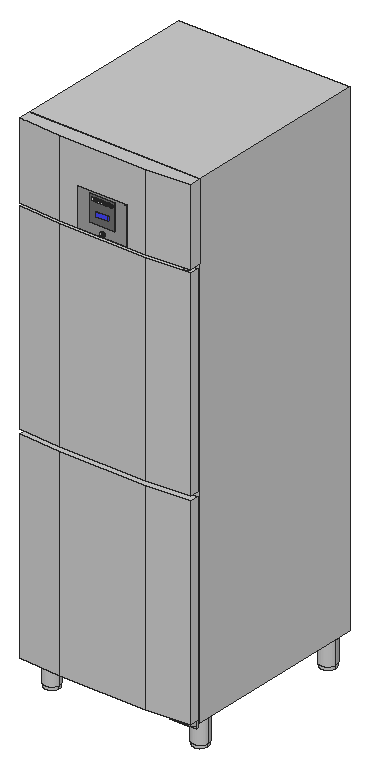
Revit family "QF_LIEBHERR_GKPv 6577.191129125436", category Specialty Equipment, Revit 2016
Family settings
  Part Type = Normal
  Round Connector Dimension = Use Diameter
  OmniClass Number = 23.40.40.14
  OmniClass Title = Food Service Equipment
  Work Plane-Based = No
  Always vertical = Yes
  Cut with Voids When Loaded = No
  Shared = No
  Room Calculation Point = No
Parameters (values of type "GKPV 6577_230V/1Ph/50Hz")
  URL catalogue = ""
  URL = "home.liebherr.com"
  Type de Raccord Electrique [instance] = ""
  Type article [instance] = ""
  Tension = 230 V
  Status [instance] = ""
  Spécification technique = ""
  Spécification du Fabricant [instance] = ""
  Spécification de l'Utilisateur [instance] = ""
  SMACNA No spécifique pour les matériaux  Etats Unis = ""
  Quantité par lot [instance] = no
  Puissance électrique  = 150 W
  Puissance en CV = ""
  Puissance Apparente = 150 VA
  Protection de l'Appareil = 0 A
  Profondeur hors tout = 830 mm
  Poids net à vide = 117.00 kg
  Phase = 1
  Numéro de Série = ""
  Nombres de Pôles = 2
  Nombre d'identification NAFEM = ""
  Model = "GKPv 6577"
  Manufacturer = "LIEBHERR"
  Longueur hors tout = 700 mm
  Intensité nominale courant electrique = 2 A
  Installé Par [instance] = ""
  Identifiant Equipement [instance] = no
  Hauteur hors tout = 2120 mm
  Hauteur de Raccordement du Sol Finis [instance] = 1700 mm
  Hauteur de Raccordement du Sol Brut [instance] = 0 mm
  Fréquence = 50 Hz
  Fournis Par [instance] = ""
  Description = "GN FRIDGE GKPV 6577, 2X HALF DOORS, -2/+15°C, S/STEEL EXTERIOR & INTERIOR, 465 L NET"
  Câble de connexion à l'appareil inclus = no
  Cost = 0
  Consommation d'énergie minimale = 0 A
  Connexion prise électrique  = ""
  Code de Révision [instance] = ""
  Classification dans le projet = ""
  Classement sismique = ""
  Accessoires = no
Reference planes
  plane 1 "Centre (avant/arrière)": y = 0
  plane 2: z = 0
  plane 3 "Centre (gauche/droite)": x = 0
Forms (mm)
  Extrusion 1, solid, not visible
    sketch origin (649, -2, 1819) x (1, 0, 0) y (0, 1, 0)
      loop
        line (0, 0) -> (2, 0) -> (2, 2) -> (0, 2) -> (0, 0)
    from 0 to 2
Dimensions and locks
  aligned and locked: level to plane 2
Nested families
  nested 1: "QF_LIEBHERR_GKPV 6577_230V_1Ph_50Hz" at (0, 0, 120), type "GKPV 6577_230V/1Ph/50Hz"
    with Show Logo yes, Show Clearance yes
  nested 2: "QF_LIEBHERR_GKPV6577_DOOR_RX" at (0, 0, 120), type "GKPV6577_DOOR_RX"
    with Show Logo yes, Show Clearance yes
  nested 3: "QF_LIEBHERR_BGPV6570_LEGS" at (0, 0, 0), type "BGPV6570_LEGS"
    with Show Logo yes, Show Clearance yes
Connectors
  electrical at (650, 0, 1820), driven by "Puissance Apparente", driven by "Nombres de Pôles", driven by "Tension"
    settings: on Extrusion 1, index 1, voltage 230 V, apparent load 0 VA, apparent load phase1 150 VA, apparent load phase2 0 VA, apparent load phase3 0 VA, power factor 1, load classification "Other", number of poles 2, system type 31, power factor state 1, is connector primary yes, connector utility no, sub classification motor no, connector description "Electric connection for 'GKPv 6577'"
Definition of nested family "QF_LIEBHERR_GKPV 6577_230V_1Ph_50Hz"
  Parameters (values of type "GKPV 6577_230V/1Ph/50Hz")
    URL = "home.liebherr.com"
    Show Logo [instance] = yes
    Show Clearance [instance] = yes
    Model = "GKPv 6577"
    Manufacturer = "LIEBHERR"
    Description = "GN FRIDGE GKPV 6577, 2X HALF DOORS, -2/+15°C, S/STEEL EXTERIOR & INTERIOR, 465 L NET"
    Assembly Code = "E1090320"
  Types (2, lengths in mm): name | Model | Description
    GKPV 6577_230V/1Ph/50Hz | "GKPv 6577" | "GN FRIDGE GKPV 6577, 2X HALF DOORS, -2/+15°C, S/STEEL EXTERIOR & INTERIOR, 465 L NET"
    GGPV 6577 | "GGPV 6577" | "GN FREEZER GGPV 6577, 2X HALF DOORS, -10/-30°C, S/STEEL EXTERIOR & INTERIOR, 465 L NET"
  Reference planes
    plane 1 "Back": y = 0
    plane 2: z = 0
    plane 3 "Left": x = 0
    plane 4 "Right": x = 700
    plane 5 "Front": y = -830
    plane 6 "Top": z = 2000
  Forms (mm)
    Extrusion 1, solid
      sketch origin (0, 0, -113) x (1, 0, 0) y (0, 1, 0)
        loop
          line (0, -767) -> (0, -816.625) -> (171.985, -830) -> (527.99, -830) -> (700, -816.625) -> (700, -767) -> (0, -767)
      from 1801 to 2113
    Extrusion 2, solid
      sketch origin (0, 0, -113) x (0, 1, 0) y (0, 0, 1)
        loop
          line (-767, 2113) -> (-767, 113) -> (0, 113) -> (0, 2113) -> (-767, 2113)
      from 0 to 700
    Extrusion 3, solid
      sketch origin (0, -829, -113) x (1, 0, 0) y (0, 0, 1)
        loop
          line (249.988, 1957) -> (249.988, 1801) -> (449.988, 1801) -> (449.988, 1957) -> (249.988, 1957)
      from 0 to 2
    Extrusion 4, solid
      sketch origin (0, -830, -113) x (1, 0, 0) y (0, 0, 1)
        loop
          line (297.988, 1947) -> (297.988, 1841) -> (401.988, 1841) -> (401.988, 1947) -> (297.988, 1947)
      from 0 to 2
    Extrusion 5, solid
      sketch origin (0, -831, -113) x (1, 0, 0) y (0, 0, 1)
        loop
          line (374.988, 1890) -> (324.988, 1890) -> (324.988, 1871) -> (374.988, 1871) -> (374.988, 1890)
      from 0 to 2
    Extrusion 6, solid, visible <- "Show Logo"
      sketch origin (0, -831, -113) x (1, 0, 0) y (0, 0, 1)
        loop
          line (309.542, 1937.598) -> (309.542, 1926.598) -> (317.534, 1926.598) -> (317.534, 1929.598) -> (314.534, 1929.598) -> (314.534, 1937.598) -> (309.542, 1937.598)
        loop
          line (318.542, 1937.598) -> (318.542, 1926.598) -> (323.534, 1926.598) -> (323.534, 1937.598) -> (318.542, 1937.598)
        loop
          line (325.425, 1937.598) -> (325.425, 1926.598) -> (332.444, 1926.598) -> (332.444, 1929.098) -> (330.418, 1929.098) -> (330.418, 1931.098) -> (332.444, 1931.098) -> (332.444, 1933.098) -> (330.418, 1933.098) -> (330.418, 1935.098) -> (332.444, 1935.098) -> (332.444, 1937.598) -> (325.425, 1937.598)
        loop
          line (334.425, 1937.598) -> (334.425, 1926.598) -> (341.444, 1926.598)
          arc (341.444, 1926.598) -> (344.324, 1928.719) -> (343.152, 1932.098) r 3.015
          arc (343.152, 1932.098) -> (344.324, 1935.477) -> (341.444, 1937.598) r 3.015
          line (341.444, 1937.598) -> (334.425, 1937.598)
        loop
          line (340.389, 1935.098) -> (339.418, 1935.098) -> (339.418, 1933.098) -> (340.389, 1933.098)
          arc (340.389, 1933.098) -> (341.389, 1934.098) -> (340.389, 1935.098) r 1
        loop
          arc (340.456, 1929.098) -> (341.456, 1930.098) -> (340.456, 1931.098) r 1
          line (340.456, 1931.098) -> (339.418, 1931.098) -> (339.418, 1929.098) -> (340.456, 1929.098)
        loop
          line (346.398, 1937.598) -> (346.398, 1926.598) -> (351.391, 1926.598) -> (351.391, 1931.098) -> (353.417, 1931.098) -> (353.417, 1926.598) -> (358.41, 1926.598) -> (358.41, 1937.598) -> (353.417, 1937.598) -> (353.417, 1933.098) -> (351.391, 1933.098) -> (351.391, 1937.598) -> (346.398, 1937.598)
        loop
          line (359.811, 1937.598) -> (359.811, 1926.598) -> (366.83, 1926.598) -> (366.83, 1929.098) -> (364.803, 1929.098) -> (364.803, 1931.098) -> (366.83, 1931.098) -> (366.83, 1933.098) -> (364.803, 1933.098) -> (364.803, 1935.098) -> (366.83, 1935.098) -> (366.83, 1937.598) -> (359.811, 1937.598)
        loop
          line (368.822, 1937.598) -> (368.822, 1926.598) -> (373.814, 1926.598) -> (373.814, 1929.098) -> (374.887, 1926.598) -> (379.88, 1926.598) -> (378.318, 1930.237)
          arc (378.318, 1930.237) -> (379.724, 1934.807) -> (375.841, 1937.598) r 4.097
          line (375.841, 1937.598) -> (368.822, 1937.598)
        loop
          line (374.786, 1935.098) -> (373.814, 1935.098) -> (373.814, 1932.141) -> (374.786, 1932.141)
          arc (374.786, 1932.141) -> (376.264, 1933.619) -> (374.786, 1935.098) r 1.479
        loop
          line (381.56, 1937.598) -> (381.56, 1926.598) -> (386.553, 1926.598) -> (386.553, 1929.098) -> (387.626, 1926.598) -> (392.618, 1926.598) -> (391.057, 1930.237)
          arc (391.057, 1930.237) -> (392.463, 1934.807) -> (388.58, 1937.598) r 4.097
          line (388.58, 1937.598) -> (381.56, 1937.598)
        loop
          line (387.524, 1935.098) -> (386.553, 1935.098) -> (386.553, 1932.141) -> (387.524, 1932.141)
          arc (387.524, 1932.141) -> (389.003, 1933.619) -> (387.524, 1935.098) r 1.479
      from 0 to 2
    Extrusion 7, solid
      sketch origin (0, 0, -120) x (1, 0, 0) y (0, 0, 1)
        loop
          circle (650, 1700) r 5
      from 0 to -5
    Extrusion 8, solid
      sketch origin (1321.538, -831.588, 926.938) x (-1, 0, 0) y (0, 0, 1)
        loop
          circle (971.55, 773.43) r 9.525
      from 0 to 1.588
    Extrusion 9, solid
      sketch origin (1321.538, -831.588, 926.938) x (-1, 0, 0) y (0, 0, 1)
        loop
          circle (971.55, 773.43) r 7.53
        loop
          line (972.187, 776.799) -> (970.913, 776.799) -> (970.913, 770.061) -> (972.187, 770.061) -> (972.187, 776.799)
      from 0 to -2.342
  Lines and regions (mm)
    symbolic lines
      curve 1: line (0, 0, 0) -> (700, 0, 0)
      curve 2: line (700, 0, 0) -> (700, -816.625, 0)
      curve 3: line (700, -816.625, 0) -> (527.99, -830, 0)
      curve 4: line (527.99, -830, 0) -> (171.985, -830, 0)
      curve 5: line (171.985, -830, 0) -> (0, -816.625, 0)
      curve 6: line (0, -816.625, 0) -> (0, 0, 0)
      curve 7: line (0, -767, 0) -> (700, -767, 0)
  Dimensions and locks
    plane 3 "Left" to plane 4 "Right" = 700 mm
    plane 5 "Front" to plane 1 "Back" = 830 mm
    plane 6 "Top" to level = 2000 mm
    aligned and locked: level to plane 2
  Connectors
    electrical at (650, 0, 1580)
      settings: on Extrusion 7, index 1, voltage 0 V, apparent load 0 VA, apparent load phase1 0 VA, apparent load phase2 0 VA, apparent load phase3 0 VA, power factor 1, load classification none, number of poles 1, system type 31, power factor state 1, is connector primary yes, connector utility no, sub classification motor no, connector description "Electrical connection"
Definition of nested family "QF_LIEBHERR_GKPV6577_DOOR_RX"
  Parameters (values of type "GKPV6577_DOOR_RX")
    URL catalogue [instance] = ""
    URL = "home.liebherr.com"
    Status [instance] = ""
    Spécification technique [instance] = ""
    Spécification du Fabricant [instance] = ""
    Spécification de l'Utilisateur [instance] = ""
    Show Logo [instance] = yes
    Show Clearance [instance] = yes
    SMACNA No spécifique pour les matériaux  Etats Unis [instance] = ""
    Quantité par lot [instance] = no
    Profondeur hors tout [instance] = 63 mm
    Poids net à vide [instance] = 0.00 kg
    Numéro de Série [instance] = ""
    Nombre d'identification NAFEM [instance] = ""
    Model = "GKPV6577_DOOR_RX"
    Manufacturer = "LIEBHERR"
    Longueur hors tout [instance] = 700 mm
    Installé Par [instance] = ""
    Identifiant Equipement [instance] = no
    Hauteur hors tout [instance] = 1662 mm
    Fournis Par [instance] = ""
    Description = "2 DOORS WITH RIGHT OPENING"
    Cost = 0
    Code de Révision [instance] = ""
    Classification dans le projet [instance] = ""
    Classement sismique [instance] = ""
    Assembly Code = "E1090320"
    Accessoires [instance] = yes
  Reference planes
    plane 1 "Back": y = 0
    plane 2: z = 0
    plane 3 "Left": x = 0
    plane 4 "Right": x = 700
    plane 5 "Front": y = -830
    plane 6 "Top": z = 1688
  Forms (mm)
    Extrusion 1, solid
      sketch origin (0, 0, -437) x (1, 0, 0) y (0, 1, 0)
        loop
          line (0, -781) -> (0, -816.625) -> (171.985, -830) -> (527.99, -830) -> (700, -816.625) -> (700, -781) -> (0, -781)
      from 1291 to 2113
    Extrusion 2, solid
      sketch origin (-29.99, -92.898, 104.715) x (0, 1, 0) y (0, 0, 1)
        loop
          line (-688.102, 1556.285) -> (-688.102, 764.285) -> (-674.102, 764.285) -> (-674.102, 1556.285) -> (-688.102, 1556.285)
      from 44.99 to 714.99
    Extrusion 3, solid
      sketch origin (-56.014, -92.898, -32.168) x (0, 1, 0) y (0, 0, 1)
        loop
          line (-680.221, 13.941) -> (-680.221, 39.157) -> (-723.896, 39.157) -> (-680.221, 13.941)
      from 672.942 to 677.942
    Extrusion 4, solid
      sketch origin (-34.086, -89.604, -32.168) x (1, 0, 0) y (0, 1, 0)
        loop
          circle (709.086, -713.896) r 10
      from 42.671 to 46.168
    Extrusion 5, solid
      sketch origin (-34.086, -89.604, 1633.329) x (1, 0, 0) y (0, 1, 0)
        loop
          circle (709.086, -713.896) r 10
      from 42.671 to 54.671
    Extrusion 6, solid
      sketch origin (693.986, -92.898, -32.168) x (0, 1, 0) y (0, 0, -1)
        loop
          line (-674.102, -7.53) -> (-680.221, -7.53) -> (-680.221, -39.157) -> (-723.896, -39.157) -> (-723.896, -42.671) -> (-674.102, -42.671) -> (-674.102, -7.53)
      from 4.769 to 77.058
    Extrusion 7, solid
      sketch origin (1362.159, -92.898, -32.168) x (0, 1, 0) y (0, 0, -1)
        loop
          line (-680.221, -13.941) -> (-723.896, -39.157) -> (-680.221, -39.157) -> (-680.221, -13.941)
      from 672.942 to 677.942
    Extrusion 8, solid
      sketch origin (1328.514, -92.898, -32.168) x (0, 1, 0) y (0, 0, -1)
        loop
          line (-680.221, -13.941) -> (-723.896, -39.157) -> (-680.221, -39.157) -> (-680.221, -13.941)
      from 672.942 to 677.942
    Extrusion 9, solid, visible <- "Show Clearance", detail levels coarse
      sketch origin (0, 0, 0) x (1, 0, 0) y (0, 1, 0)
        loop
          arc (0, -830) -> (194.431, -1283.965) -> (640, -1496.933) r 700.694
          line (640, -1496.933) -> (700, -1496.933) -> (700, -830) -> (0, -830)
      from 854 to 1676
    Extrusion 10, solid
      sketch origin (0, 0, -1277) x (1, 0, 0) y (0, 1, 0)
        loop
          line (0, -781) -> (0, -816.625) -> (171.985, -830) -> (527.99, -830) -> (700, -816.625) -> (700, -781) -> (0, -781)
      from 1291 to 2113
    Extrusion 11, solid
      sketch origin (-29.99, -92.898, -735.285) x (0, 1, 0) y (0, 0, 1)
        loop
          line (-688.102, 1556.285) -> (-688.102, 764.285) -> (-674.102, 764.285) -> (-674.102, 1556.285) -> (-688.102, 1556.285)
      from 44.99 to 714.99
    Extrusion 12, solid, visible <- "Show Clearance", detail levels coarse
      sketch origin (0, 0, -840) x (1, 0, 0) y (0, 1, 0)
        loop
          arc (0, -830) -> (194.431, -1283.965) -> (640, -1496.933) r 700.694
          line (640, -1496.933) -> (700, -1496.933) -> (700, -830) -> (0, -830)
      from 854 to 1676
  Lines and regions (mm)
    symbolic lines, visible <- "Show Clearance"
      curve 1: arc (-0.469, -816.588, 0) -> (48.847, -1057.604, 0) -> (178.429, -1266.718, 0) r 700.694
      curve 2: line (700, -1496.933, 0) -> (700, -816.625, 0)
      curve 3: line (640, -1496.933, 0) -> (640, -821.29, 0)
      curve 4: line (640, -1496.933, 0) -> (700, -1496.933, 0)
      curve 5: line (700, -1496.933, 0) -> (700, -816.625, 0)
      curve 6: line (640, -1496.933, 0) -> (640, -821.29, 0)
      curve 7: line (640, -1496.933, 0) -> (700, -1496.933, 0)
      curve 8: line (640, -890, 0) -> (220.373, -1309.627, 0)
      curve 9: line (622.496, -822.651, 0) -> (178.429, -1266.718, 0)
      curve 10: arc (220.373, -1309.627, 0) -> (414.395, -1438.658, 0) -> (640, -1496.933, 0) r 700.694
      curve 11: line (178.429, -1266.718, 0) -> (220.373, -1309.627, 0)
  Dimensions and locks
    plane 3 "Left" to plane 4 "Right" = 700 mm
    plane 5 "Front" to plane 1 "Back" = 830 mm
    plane 6 "Top" to level = 1688 mm
    aligned and locked: level to plane 2
Definition of nested family "QF_LIEBHERR_BGPV6570_LEGS"
  Parameters (values of type "BGPV6570_LEGS")
    URL catalogue [instance] = ""
    URL = "home.liebherr.com"
    Status [instance] = ""
    Spécification technique [instance] = ""
    Spécification du Fabricant [instance] = ""
    Spécification de l'Utilisateur [instance] = ""
    Show Logo [instance] = yes
    Show Clearance [instance] = yes
    SMACNA No spécifique pour les matériaux  Etats Unis [instance] = ""
    Quantité par lot [instance] = no
    Profondeur hors tout [instance] = 830 mm
    Poids net à vide [instance] = 0.00 kg
    Numéro de Série [instance] = ""
    Nombre d'identification NAFEM [instance] = ""
    Model = "BGPV6570_LEGS"
    Manufacturer = "LIEBHERR"
    Longueur hors tout [instance] = 700 mm
    Installé Par [instance] = ""
    Identifiant Equipement [instance] = no
    Hauteur hors tout [instance] = 120 mm
    Fournis Par [instance] = ""
    Description = "STANDARD LEGS"
    Cost = 0
    Code de Révision [instance] = ""
    Classification dans le projet [instance] = ""
    Classement sismique [instance] = ""
    Assembly Code = "E1090320"
    Accessoires [instance] = yes
  Reference planes
    plane 1 "Back": y = 0
    plane 2: z = 0
    plane 3 "Left": x = 0
    plane 4 "Right": x = 700
    plane 5 "Front": y = -830
    plane 6 "Top": z = 120
  Forms (mm)
    Revolve 1, solid
      sketch origin (0, -54.25, 0) x (1, 0, 0) y (0, 0, 1)
        loop
          line (45, 0) -> (75, 0) -> (75, 14) -> (78.027, 14) -> (78.027, 113) -> (84.75, 113) -> (84.75, 120) -> (45, 120) -> (45, 0)
        axis (45, 120) -> (45, 0)
      angle from 0 to 360
    Revolve 2, solid
      sketch origin (610, -54.25, 0) x (1, 0, 0) y (0, 0, 1)
        loop
          line (45, 0) -> (75, 0) -> (75, 14) -> (78.027, 14) -> (78.027, 113) -> (84.75, 113) -> (84.75, 120) -> (45, 120) -> (45, 0)
        axis (45, 120) -> (45, 0)
      angle from 0 to 360
    Revolve 3, solid
      sketch origin (0, -709.05, 0) x (1, 0, 0) y (0, 0, 1)
        loop
          line (45, 0) -> (75, 0) -> (75, 14) -> (78.027, 14) -> (78.027, 113) -> (84.75, 113) -> (84.75, 120) -> (45, 120) -> (45, 0)
        axis (45, 120) -> (45, 0)
      angle from 0 to 360
    Revolve 4, solid
      sketch origin (610, -709.05, 0) x (1, 0, 0) y (0, 0, 1)
        loop
          line (45, 0) -> (75, 0) -> (75, 14) -> (78.027, 14) -> (78.027, 113) -> (84.75, 113) -> (84.75, 120) -> (45, 120) -> (45, 0)
        axis (45, 120) -> (45, 0)
      angle from 0 to 360
  Dimensions and locks
    plane 3 "Left" to plane 4 "Right" = 700 mm
    plane 5 "Front" to plane 1 "Back" = 830 mm
    plane 6 "Top" to level = 120 mm  (x2)
    aligned and locked: level to plane 2
